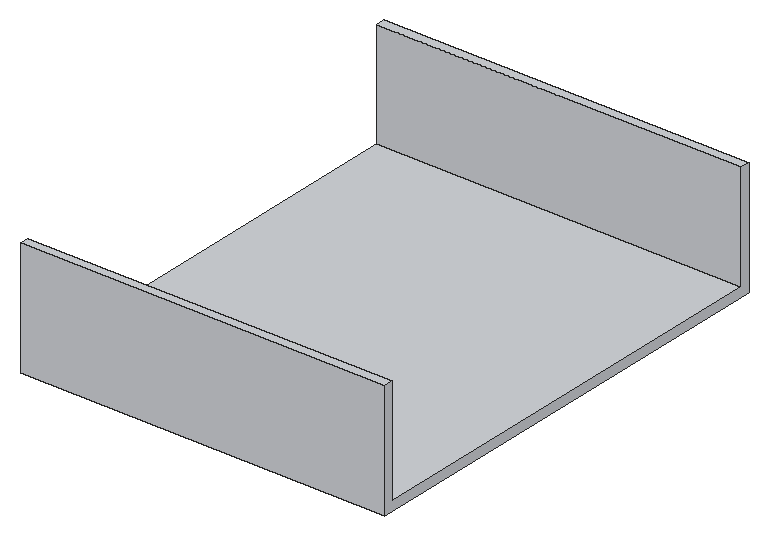
Revit family "Cable Tray", category Cable Tray Fittings, Revit 2022
Family settings
  Round Connector Dimension = Use Diameter
  Part Type = Channel Union
  OmniClass Number = 23.80.30.17.17
  OmniClass Title = Cable Trays and Horizontal Racks
  Work Plane-Based = No
  Always vertical = Yes
  Cut with Voids When Loaded = No
  Shared = No
Parameters (values of type "シャフト用")
  起点の表示 [instance] = yes
  終点の表示 [instance] = yes
  注釈幅 [instance] = if(ラックの倍率 > 0, トレイ幅 * ラックの倍率, トレイ幅)  # 125 mm
  ラックの倍率 [instance] = 1
  トレイ長さ [instance] = 100 mm
  トレイ高さ [instance] = 32 mm
  トレイ幅 [instance] = 125 mm
  ForShaft = yes
  built-in parameter 1114242 [instance] = 1 < 0  # (empty or 0)
  Default Elevation [instance] = 2.5 mm
  GeneralRack = not(ForShaft)  # no
  注釈高さ [instance] = if(ラックの倍率 > 0, トレイ高さ * ラックの倍率, トレイ高さ)  # 32 mm
  built-in parameter 1154647 = 0 mm
Types (2, lengths in mm): name | ForShaft | GeneralRack
  シャフト用 | yes | no
  汎用 | no | yes
Reference planes
  plane 1 "中心(正面/背面)": y = 0
  plane 2: z = 0
  plane 3 "中心(左/右)": x = 0
  plane 4: x = 50
  plane 5: y = 62.5
  plane 6: y = -62.5
  plane 7: z = 16
  plane 8: z = -16
  plane 9: z = -13.5
  plane 10: y = 60
  plane 11: y = -60
  plane 12: y = 62.5
  plane 13: y = -62.5
  plane 14: z = 16
  plane 15: z = -16
  plane 16: x = 100
  plane 17: z = 16
  plane 18: z = -16
  plane 19: y = 62.5
  plane 20: y = -62.5
  plane 21: z = 16
  plane 22: z = -16
Forms (mm)
  Sweep 1, solid, detail levels fine
    path in 3D
      loop
        line (0, 0, 0) -> (100, 0, 0)
    profile origin (50, 0, 0) x (0, 1, 0) y (0, 0, 1)
      loop
        line (62.5, -16) -> (62.5, 16) -> (60, 16) -> (60, -13.5) -> (-60, -13.5) -> (-60, 16) -> (-62.5, 16) -> (-62.5, -16) -> (62.5, -16)
  Sweep 2, solid, detail levels coarse+medium
    path in 3D
      loop
        line (0, 0, 0) -> (100, 0, 0)
    profile origin (50, 0, 0) x (0, 1, 0) y (0, 0, 1)
      loop
        line (62.5, 16) -> (-62.5, 16) -> (-62.5, -16) -> (62.5, -16) -> (62.5, 16)
Lines and regions (mm)
  model lines, not visible, detail levels coarse
    curve 1: line (0, 0, 0) -> (100, 0, 0)
  sketch lines
    curve 2: line (0, 0, 0) -> (100, 0, 0)
    curve 3: line (0, 0, 0) -> (100, 0, 0)
  symbolic lines, style "Boundary"
    curve 4: line (0, 62.5, 0) -> (100, 62.5, 0)
    curve 6: line (100, -62.5, 0) -> (0, -62.5, 0)
  symbolic lines, style "Boundary", visible <- "起点の表示"
    curve 5: line (0, -62.5, 0) -> (0, 62.5, 0)
  symbolic lines, style "Boundary", visible <- "終点の表示"
    curve 7: line (100, 62.5, 0) -> (100, -62.5, 0)
  symbolic lines, style "Sign H", visible <- "ForShaft"
    curve 8: line (100, -62.5, 16) -> (100, -62.5, -16)
    curve 9: line (100, 62.5, 16) -> (100, 62.5, -16)
    curve 10: line (100, 62.5, 0) -> (100, -62.5, 0)
  symbolic lines, style "CableTrayFitting", visible <- "GeneralRack"
    curve 11: line (100, 62.5, 16) -> (100, 62.5, -16)
    curve 12: line (100, 62.5, -16) -> (100, -62.5, -16)
    curve 13: line (100, -62.5, -16) -> (100, -62.5, 16)
Dimensions and locks
  equal spacing: plane 5, plane 1 "中心(正面/背面)", plane 6
  "トレイ幅": plane 5 to plane 6
  equal spacing: plane 7, plane 2, plane 8
  "トレイ高さ": plane 7 to plane 8
  "Default Elevation": plane 5 to plane 10
  "Default Elevation": plane 11 to plane 6
  "Default Elevation": plane 8 to plane 9
  "トレイ幅": plane 12 to plane 13
  equal spacing: plane 12, plane 1 "中心(正面/背面)", plane 13
  equal spacing: plane 14, plane 2, plane 15
  "トレイ高さ": plane 14 to plane 15
  equal spacing: plane 3 "中心(左/右)", plane 4, plane 16
  "トレイ長さ": plane 3 "中心(左/右)" to plane 16
  equal spacing: curve 4, plane 1 "中心(正面/背面)", curve 6
  "注釈幅": curve 4 to curve 6
  equal spacing: plane 17, plane 2, plane 18
  "注釈高さ": plane 17 to plane 18
  equal spacing: plane 19, plane 1 "中心(正面/背面)", plane 20
  "注釈幅": plane 19 to plane 20
  equal spacing: plane 21, plane 2, plane 22
  "トレイ高さ": plane 21 to plane 22
  aligned and locked: plane 1 "中心(正面/背面)" to curve 1
  aligned and locked: plane 6 to Sweep 1 sketch curve  (x2)
  aligned and locked: plane 8 to Sweep 1 sketch curve  (x2)
  aligned and locked: Sweep 1 sketch curve to plane 5
  aligned and locked: plane 7 to Sweep 1 sketch curve  (x3)
  aligned and locked: plane 11 to Sweep 1 sketch curve  (x2)
  aligned and locked: plane 9 to Sweep 1 sketch curve  (x2)
  aligned and locked: plane 10 to Sweep 1 sketch curve  (x2)
  aligned and locked: Sweep 1 sketch curve to plane 7
  aligned and locked: Sweep 2 sketch curve to plane 14
  aligned and locked: Sweep 2 sketch curve to plane 15
  aligned and locked: plane 13 to Sweep 2 sketch curve
  aligned and locked: plane 12 to Sweep 2 sketch curve
  aligned and locked: plane 16 to curve 1
  aligned and locked: plane 3 "中心(左/右)" to curve 1
  aligned and locked: curve 9 to plane 19
  aligned and locked: plane 17 to curve 9
  aligned and locked: curve 8 to plane 20
  aligned and locked: plane 18 to curve 8
  aligned and locked: plane 17 to curve 8
  aligned and locked: curve 10 to plane 2
  aligned and locked: plane 18 to curve 12
  aligned and locked: curve 13 to plane 20
  aligned and locked: plane 19 to curve 11
  aligned and locked: plane 17 to curve 11
  aligned and locked: plane 17 to curve 13
Connectors
  cabletrayconduit at (0, 0, 0), diameter 609.6, driven by "トレイ高さ", driven by "トレイ幅"
    settings: on Sweep 2, index 1, connector width 125 mm, connector height 32 mm, connector angle 0.00°, system type 32, placement type 0, profile type 1, connector reference index 2, is primary connector yes, connector utility param no, connector description ""
  cabletrayconduit at (100, 0, 0), diameter 609.6, driven by "トレイ高さ", driven by "トレイ幅"
    settings: on Sweep 2, index 2, connector width 125 mm, connector height 32 mm, connector angle 0.00°, system type 32, placement type 0, profile type 1, connector reference index 1, is primary connector no, connector utility param no, connector description ""
